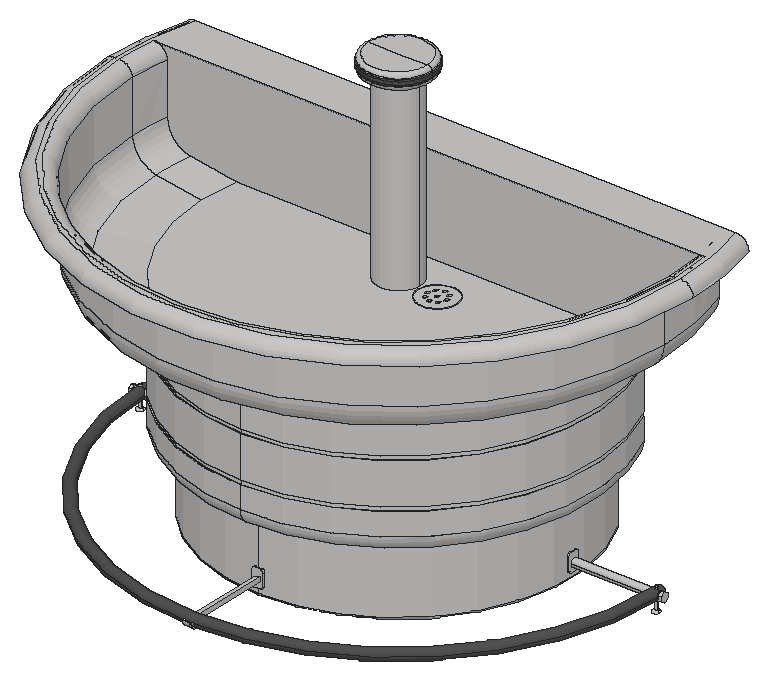
Revit family "Washfountain_Lavatory-Bradley_Corp-WF2704-Type_B_Drain", category Plumbing Fixtures, Revit 2012
Parameters
  Width = 54.000"
  Warranty Information = ""
  WFU = 0
  Voltage = 110 V
  Version = "2.0"
  Vent Radius = Vent / 2  # 3/4"
  Vent = 1 1/2"
  URL = "http://www.bradleycorp.com/"
  Towel Dispenser Holder [instance] = if((Soap Dispenser), 4.875", 13.375")  # 13.375"
  Towel Dispenser Height [instance] = if((Sensor Module), 54.250", 50.750")  # 50.750"
  TouchTime® Control [instance] = no
  Technical Data = "n/a"
  Vent Height [instance] = if(and(Sensor Module, Soap Dispenser, Towel Dispenser), 70.563", if(and(Sensor Module, Soap Dispenser, No Towel Dispenser), 49.375", if(and(Sensor Module, No Soap Dispenser, No Towel Dispenser), 40.875", if(and(Sensor Module, No Soap Dispenser, Towel Dispenser), 70.563", if(and(No Sensor Module, No Soap Dispenser, No Towel Dispenser), 37.375", if(and(No Sensor Module, No Soap Dispenser, Towel Dispenser), 67.063", if(and(No Sensor Module, Soap Dispenser, No Towel Dispenser), 45.875", 67.063")))))))  # 37.375"
  Spray Head Height = 37.375"
  Specifications URL = "http://www.bradleycorp.com/3partspec"
  Soap Dispenser Holder [instance] = 2.500"  # constant formula
  Soap Dispenser Height [instance] = if((Sensor Module), 49.375", 45.875")  # 45.875"
  Sensor Module Height = 40.875"
  Sensor Module [instance] = not(Foot Control Valve)  # no
  Rim Height = 28.000"
  Product Tech Data URL - Spanish = ""
  Product Tech Data URL - French = ""
  Product Tech Data URL - English = "http://bradleycorp.com/download/2241/2017.pdf"
  Pedestal Material = Metal - Bradley Corp - Stainless Steel - Satin
  Pedestal Height = 19.000"
  Operating Water Pressure Range = "20 - 80 PSI"
  OmniClass Table 23 Title = "Sinks/Lavatories"
  OmniClass Table 23 Number = "23-31 13 00"
  OmniClass Table 21 Title = "Plumbing Fixtures"
  OmniClass Table 21 Number = "21-04 20 10 60"
  No Towel Dispenser [instance] = not(Towel Dispenser)  # yes
  No Soap Dispenser [instance] = not(Soap Dispenser)  # yes
  No Sensor Module [instance] = not(Sensor Module)  # yes
  Modeling Code = ""
  Model = "WF2704"
  Material Note = ""
  MasterFormat Title = "Commercial Lavatories and Sinks"
  MasterFormat Number = "22 42 16"
  Manufacturer = "Bradley Corp"
  Industry Standards = "n/a"
  Hot Lavatory Inlet Radius = Hot Lavatory Inlet / 2  # 1/4"
  Hot Lavatory Inlet = 1/2"
  HWFU = 0
  Frequency = 50 Hz
  Foot Control Valve [instance] = not(or(TouchTime® Control, Air Valve Hand Control, Adaptive Infrared Activation Control))  # yes
  Flow Rate = 3.0 GPM
  Fire Rating = "n/a"
  Drain Radius = Drain / 2  # 1"
  Drain = 2"
  Description = "Washfountain, 54\" Semi Circular with 9\" Deep Bowl"
  Copyright = "This Model Data is Property of Bradley Corporation"
  Cold Lavatory Inlet Radius = Cold Lavatory Inlet / 2  # 1/4"
  Cold Lavatory Inlet = 1/2"
  CWFU = 0
  Buy American Act = "No"
  Button Visibility [instance] = or(TouchTime® Control, Air Valve Hand Control)  # no
  Bowl Material [instance] = Metal - Bradley Corp - Stainless Steel - Polished
  Assembly Code = "D2010300"
  Air Valve Hand Control [instance] = no
  Adaptive Infrared Activation Control [instance] = no
  ADA Compliant = "Yes"
  Soap Dispenser [instance] = no
  Towel Dispenser [instance] = no
Reference planes (in)
  plane 1 "Center (Front/Back)": y = 0
  plane 2: z = 0
  plane 3 "Center (Left/Right)": x = 0
  plane 4 "Left": x = -27
  plane 5 "Right": x = 27
  plane 6 "Towel Dispenser": z = 50.75
  plane 7 "Soap Dispenser": z = 45.875
  plane 8 "Sensor Module": z = 40.875
  plane 9 "Spray Head": z = 37.375
  plane 10 "Rim Height": z = 28
  plane 11 "Pedestal Height": z = 19
  plane 12: y = -7.6967
  plane 13: z = 39.875
  plane 14 "Front": y = -34.71749
Forms (in)
  Sweep 1, solid, material "Metal - Bradley Corp - Stainless Steel - Polished" <- "Bowl Material", detail levels medium+fine
    path in 3D
      loop
        arc (27, -7.75, 28) -> (0, 19.25, 28) -> (-27, -7.75, 28) r 27
        arc (-27, -7.75, 28) -> (0, -34.75, 28) -> (27, -7.75, 28) r 27
    profile origin (0, -34.75, 28) x (0, 1, 0) y (0, 0, 1)
      loop
        line (25.0533, -8.88) -> (9.04121, -8.88) -> (4.87331, -8.2735)
        arc (4.87331, -8.2735) -> (3.35689, -7.45153) -> (2.7337, -5.84318) r 2.5
        line (2.7337, -5.84318) -> (2.69252, -1.125)
        arc (2.69252, -1.125) -> (2.36302, -0.3295) -> (1.56752, 0.00011) r 1.125
        line (1.56752, 0.00011) -> (1.15752, 0)
        arc (1.15752, 0) -> (0.36203, -0.3295) -> (0.03252, -1.125) r 1.125
        line (0.03252, -1.125) -> (0.15252, -1.125)
        arc (0.15252, -1.125) -> (0.44688, -0.41436) -> (1.15752, -0.11989) r 1.005
        line (1.15752, -0.11989) -> (1.56752, -0.12025)
        arc (1.56752, -0.12025) -> (2.27817, -0.41461) -> (2.57252, -1.12525) r 1.005
        line (2.57252, -1.12525) -> (2.61371, -5.84475)
        arc (2.61371, -5.84475) -> (3.26665, -7.53063) -> (4.85603, -8.39225) r 2.62
        line (4.85603, -8.39225) -> (9.03252, -9) -> (25.0533, -9) -> (25.0533, -8.88)
  Extrusion 2, void
    sketch origin (0, 0, 28) x (-1, 0, 0) y (0, -1, 0)
      loop
        line (27, -20) -> (27, 0) -> (-27, 0) -> (-27, -20) -> (27, -20)
    from -28 to 9.375
  Sweep 3, solid, material "Metal - Bradley Corp - Stainless Steel - Polished" <- "Bowl Material", detail levels coarse
    path in 3D
      loop
        arc (27, -7.75, 28) -> (0, 19.25, 28) -> (-27, -7.75, 28) r 27
        arc (-27, -7.75, 28) -> (0, -34.75, 28) -> (27, -7.75, 28) r 27
    profile origin (0, -34.75, 28) x (0, 1, 0) y (0, 0, 1)
      loop
        line (0.03243, 0) -> (0.03243, -1.12495) -> (0.15256, -1.12495) -> (0.15256, -0.12) -> (2.57762, -0.12) -> (2.57762, -9) -> (25.0533, -9) -> (25.0533, -8.88) -> (2.69762, -8.88) -> (2.69762, 0) -> (0.03243, 0)
  Revolve 4, solid, material "Metal - Bradley Corp - Stainless Steel - Satin" <- "Pedestal Material", detail levels medium+fine
    sketch origin (0, 0, 0) x (0, 1, 0) y (0, 0, 1)
      loop
        line (-25.69045, 10.34788) -> (-25.61122, 10.34788) -> (-25.61122, 9.97288) -> (-25.69045, 9.97288) -> (-25.69045, 7.88979)
        arc (-25.69045, 7.88979) -> (-25.24205, 6.80727) -> (-24.15954, 6.35887) r 1.53091
        line (-24.15954, 6.35887) -> (-7.6967, 6.35887) -> (-7.6967, 19) -> (-25.69045, 19) -> (-25.69045, 14.53538) -> (-25.60652, 14.53538) -> (-25.60652, 14.16038) -> (-25.69045, 14.16038) -> (-25.69045, 10.34788)
      axis (-7.6967, 19) -> (-7.6967, 6.35887)
    angle from 0 to 360
  Revolve 5, solid, material "Metal - Bradley Corp - Stainless Steel - Satin" <- "Pedestal Material", detail levels coarse
    sketch origin (0, 0, 0) x (0, 1, 0) y (0, 0, 1)
      loop
        line (-25.69045, 19) -> (-25.69045, 6.35887) -> (-7.6967, 6.35887) -> (-7.6967, 19) -> (-25.69045, 19)
      axis (-7.6967, 19) -> (-7.6967, 6.35887)
    angle from 0 to 360
  Revolve 6, solid, material "Metal - Bradley Corp - Stainless Steel - Satin"
    sketch origin (0, 0, 0) x (0, 1, 0) y (0, 0, 1)
      loop
        arc (-23.6285, 0.1416) -> (-23.58703, 0.04147) -> (-23.4869, 0) r 0.1416
        line (-23.4869, 0) -> (-7.6967, 0) -> (-7.6967, 6.35887) -> (-23.41449, 6.35887) -> (-23.41449, 6.04595) -> (-23.6285, 6.04595) -> (-23.6285, 0.1416)
      axis (-7.6967, 6.35887) -> (-7.6967, 0)
    angle from 0 to 360
  Revolve 7, solid, material "Metal - Bradley Corp - Stainless Steel - Satin", detail levels medium+fine
    sketch origin (-3, -7.6967, 37.375) x (1, 0, 0) y (0, 0, 1)
      loop
        arc (0.31013, 0) -> (0.06618, -0.10105) -> (-0.03487, -0.345) r 0.345
        line (-0.03487, -0.345) -> (-0.03487, -0.44471)
        arc (-0.03487, -0.44471) -> (-0.09873, -0.47343) -> (-0.12487, -0.53838) r 0.09375
        line (-0.12487, -0.53838) -> (-0.12487, -0.85088)
        arc (-0.12487, -0.85088) -> (-0.09873, -0.91583) -> (-0.03487, -0.94456) r 0.09375
        line (-0.03487, -0.94456) -> (-0.03487, -1.04463)
        arc (-0.03487, -1.04463) -> (0.06618, -1.28859) -> (0.31013, -1.38963) r 0.345
        line (0.31013, -1.38963) -> (1.00013, -1.38963) -> (1.00013, -18.375) -> (3, -18.375) -> (3, 0) -> (0.31013, 0)
      axis (3, 0) -> (3, -18.375)
    angle from 0 to 360
  Revolve 8, solid, material "Metal - Bradley Corp - Stainless Steel - Satin", detail levels coarse
    sketch origin (-3, -7.6967, 37.375) x (1, 0, 0) y (0, 0, 1)
      loop
        line (-0.12487, -0.44471) -> (-0.12487, -0.94456) -> (0.31085, -1.38963) -> (1.00013, -1.38963) -> (1.00013, -18.375) -> (3, -18.375) -> (3, 0.00012) -> (0.31013, 0.00012) -> (-0.12487, -0.44471)
      axis (3, 0.00012) -> (3, -18.375)
    angle from 0 to 360
  Revolve 9, solid, material "Metal - Bradley Corp - Stainless Steel - Satin", visible <- "Sensor Module", detail levels fine
    sketch origin (-3, -7.6967, 40.875) x (1, 0, 0) y (0, 0, 1)
      loop
        arc (-1.45317, -0.20636) -> (-1.54025, -0.24993) -> (-1.57537, -0.34075) r 0.135
        line (-1.57537, -0.34075) -> (-1.57537, -0.56538) -> (-1.49987, -0.56538) -> (-1.49987, -1.98683)
        arc (-1.49987, -1.98683) -> (-1.48077, -2.08267) -> (-1.42639, -2.16387) r 0.25
        line (-1.42639, -2.16387) -> (-0.82283, -2.76742)
        arc (-0.82283, -2.76742) -> (-0.74182, -2.82142) -> (-0.64632, -2.84038) r 0.25
        line (-0.64632, -2.84038) -> (1.00013, -2.84038) -> (1.00013, -3.5) -> (3, -3.5) -> (3, 0) -> (0.90513, 0) -> (-1.45612, -0.2063)
      axis (3, 0) -> (3, -3.5)
    angle from 0 to 360
  Revolve 10, solid, material "Metal - Bradley Corp - Stainless Steel - Satin", visible <- "Sensor Module", detail levels coarse+medium
    sketch origin (-3, -7.6967, 40.875) x (1, 0, 0) y (0, 0, 1)
      loop
        line (-1.57537, -2.01488) -> (-0.74987, -2.84038) -> (1.00013, -2.84038) -> (1.00013, -3.5) -> (3, -3.5) -> (3, 0) -> (-1.57537, 0) -> (-1.57537, -2.01488)
      axis (3, 0) -> (3, -3.5)
    angle from 0 to 360
  Revolve 11, solid, material "Metal - Bradley Corp - Stainless Steel - Satin", visible <- "Soap Dispenser", detail levels fine
    sketch origin (-3, -7.6967, 45.875) x (1, 0, 0) y (0, 0, 1)
      loop
        line (-3.01408, -1.64235) -> (-2.98301, -1.64235) -> (-2.98301, -2.89235) -> (-2.93039, -2.89235) -> (-2.93039, -4.14235) -> (-2.87777, -4.14235) -> (-2.87777, -5.39235) -> (-2.81, -5.39235) -> (-2.81, -6) -> (3, -6) -> (3, 0) -> (-1.15684, 0)
        arc (-1.15684, 0) -> (-2.16098, -0.12055) -> (-3.13971, -0.37529) r 7.48917
        line (-3.13971, -0.37529) -> (-3.13971, -1.00047) -> (-3.01408, -1.00047) -> (-3.01408, -1.64235)
      axis (3, 0) -> (3, -6)
    angle from 360 to 180
  Revolve 12, solid, material "Metal - Bradley Corp - Stainless Steel - Satin", visible <- "Soap Dispenser", detail levels coarse+medium
    sketch origin (-3, -7.6967, 45.875) x (1, 0, 0) y (0, 0, 1)
      loop
        line (-3.13971, -1.00047) -> (-2.81, -6) -> (3, -6) -> (3, -1.00047) -> (-3.13971, -1.00047)
      axis (3, -1.00047) -> (3, -6)
    angle from 360 to 180
  Extrusion 13, solid, material "Metal - Bradley Corp - Stainless Steel - Satin", visible <- "Soap Dispenser", detail levels fine
    sketch origin (-3, -7.6967, 45.875) x (1, 0, 0) y (0, 0, 1)
      loop
        line (-3.01408, -1.64235) -> (-2.98301, -1.64235) -> (-2.98301, -2.89235) -> (-2.93039, -2.89235) -> (-2.93039, -4.14235) -> (-2.87777, -4.14235) -> (-2.87777, -5.39235) -> (-2.81, -5.39235) -> (-2.81, -6) -> (8.81, -6) -> (8.81, -5.39235) -> (8.87777, -5.39235) -> (8.87777, -4.14235) -> (8.93039, -4.14235) -> (8.93039, -2.89235) -> (8.98301, -2.89235) -> (8.98301, -1.64235) -> (9.01408, -1.64235) -> (9.01408, -1.00047) -> (9.13971, -1.00047) -> (9.13971, -0.37529)
        arc (9.13971, -0.37529) -> (8.16098, -0.12055) -> (7.15684, 0) r 7.48917
        line (7.15684, 0) -> (-1.15684, 0)
        arc (-1.15684, 0) -> (-2.16098, -0.12055) -> (-3.13971, -0.37529) r 7.48917
        line (-3.13971, -0.37529) -> (-3.13971, -1.00047) -> (-3.01408, -1.00047) -> (-3.01408, -1.64235)
    from 0 to -2.25
  Extrusion 14, solid, material "Metal - Bradley Corp - Stainless Steel - Satin", visible <- "Soap Dispenser", detail levels coarse+medium
    sketch origin (-3, -7.6967, 45.875) x (1, 0, 0) y (0, 0, 1)
      loop
        line (-3.13971, -1.00047) -> (-2.81, -6) -> (8.81, -6) -> (9.13971, -1.00047) -> (-3.13971, -1.00047)
    from 0 to -2.25
  Extrusion 15, solid, material "Metal - Bradley Corp - Stainless Steel - Satin", visible <- "Towel Dispenser"
    sketch origin (0, 0, 50.75) x (-1, 0, 0) y (0, -1, 0)
      loop
        line (0.06458, 14.08484) -> (-0.06458, 14.08484) -> (-5.56458, 4.55856) -> (-5.5, 4.4467) -> (5.5, 4.4467) -> (5.56458, 4.55856) -> (0.06458, 14.08484)
      loop
        circle (0, 7.6967) r 2
    from 14.62567 to 14.12567
  Extrusion 16, solid, material "Metal - Bradley Corp - Stainless Steel - Satin", visible <- "Towel Dispenser"
    sketch origin (-0.06458, -14.08484, 50.75) x (0, 0, 1) y (-0.866025, -0.5, 0)
      loop
        line (0, 0) -> (15.313, 0) -> (14.62567, 4) -> (1.37502, 4) -> (0, 1.75) -> (0, 0)
    from 0 to -11
  Extrusion 17, solid, material "Metal - Bradley Corp - Stainless Steel - Satin", visible <- "Towel Dispenser"
    sketch origin (5.56458, -4.55856, 50.75) x (0, 0, 1) y (0.866025, -0.5, 0)
      loop
        line (0, 0) -> (15.313, 0) -> (14.62567, 4) -> (1.37502, 4) -> (0, 1.75) -> (0, 0)
    from 0 to -11
  Extrusion 18, solid, material "Metal - Bradley Corp - Stainless Steel - Satin", visible <- "Towel Dispenser"
    sketch origin (0, 0, 50.75) x (-1, 0, 0) y (0, -1, 0)
      loop
        line (0.06458, 14.08484) -> (-0.06458, 14.08484) -> (-5.56458, 4.55856) -> (-5.5, 4.4467) -> (5.5, 4.4467) -> (5.56458, 4.55856) -> (0.06458, 14.08484)
      loop
        circle (0, 7.6967) r 2
    from 1.0786 to 1.5786
  Extrusion 19, solid, material "Metal - Bradley Corp - Stainless Steel - Satin", visible <- "Towel Dispenser"
    sketch origin (0, 0, 50.75) x (-1, 0, 0) y (0, -1, 0)
      loop
        circle (0, 7.6967) r 2
    from -13.375 to 16.313
  Extrusion 20, solid, material "Metal - Bradley Corp - Stainless Steel - Satin", visible <- "Soap Dispenser"
    sketch origin (0, 0, 45.875) x (-1, 0, 0) y (0, -1, 0)
      loop
        circle (0, 7.6967) r 2
    from -6 to -8.5
  Extrusion 21, solid, material "Metal - Bradley Corp - Stainless Steel - Polished", detail levels medium+fine
    sketch origin (0, -0.5533, 28) x (-1, 0, 0) y (0, -1, 0)
      loop
        circle (-4, 7.6967) r 1.75
      loop
        circle (-4, 7.6967) r 0.1842
      loop
        circle (-4, 6.81899) r 0.1842
      loop
        circle (-3.12229, 7.6967) r 0.1842
      loop
        circle (-4, 8.57441) r 0.1842
      loop
        circle (-4.87771, 7.6967) r 0.1842
      loop
        circle (-4.62063, 7.07606) r 0.1842
      loop
        circle (-3.37937, 7.07606) r 0.1842
      loop
        circle (-3.37937, 8.31733) r 0.1842
      loop
        circle (-4.62063, 8.31733) r 0.1842
    from -8.94796 to -8.88
  Extrusion 22, void
    sketch origin (0, -0.5533, 28) x (-1, 0, 0) y (0, -1, 0)
      loop
        circle (-4, 7.6967) r 1.75
    from -9 to -5.94946
  Sweep 23, solid, material "Plastic - Bradley Corp - Black", visible <- "Foot Control Valve"
    path in 3D
      loop
        line (24.00846, -7.1967, 0) -> (24.00846, -7.6967, 0)
        arc (24.00846, -7.6967, 0) -> (0, -31.70516, 0) -> (-24.00846, -7.6967, 0) r 24.00846
        line (-24.00846, -7.6967, 0) -> (-24.00846, -7.1967, 0)
    profile origin (-24.00846, -7.4467, 0) x (-1, 0, 0) y (0, 0, 1)
      loop
        circle (-0.5, 1.42499) r 0.49941
  Extrusion 24, solid, material "Metal - Bradley Corp - Stainless Steel - Satin", visible <- "Foot Control Valve", detail levels medium+fine
    sketch origin (0, 0, 0) x (0, 1, 0) y (0, 0, 1)
      loop
        line (-7.37851, 1.63949) -> (-7.75001, 1.85397) -> (-8.12151, 1.63949) -> (-8.12151, 1.21051) -> (-7.75001, 0.99603) -> (-7.37851, 1.21051) -> (-7.37851, 1.63949)
    from -24.32813 to -24.01563
  Extrusion 25, solid, material "Metal - Bradley Corp - Stainless Steel - Satin", visible <- "Foot Control Valve", detail levels medium+fine
    sketch origin (0, 0, 0) x (0, 1, 0) y (0, 0, 1)
      loop
        line (-7.75001, 1.85397) -> (-8.12151, 1.63948) -> (-8.12151, 1.21051) -> (-7.75001, 0.99603) -> (-7.37851, 1.21051) -> (-7.37851, 1.63949) -> (-7.75001, 1.85397)
    from 24.37923 to 24.04349
  Extrusion 26, solid, material "Metal - Bradley Corp - Stainless Steel - Satin", visible <- "Foot Control Valve", detail levels fine
    sketch origin (0, 0, 0) x (1, 0, 0) y (0, 1, 0)
      loop
        circle (-23.57813, -7.6967) r 0.12
      loop
        circle (23.57813, -7.6967) r 0.12
    from 0.1445 to 1.99999
  Blend 27, solid, material "Metal - Bradley Corp - Stainless Steel - Satin", visible <- "Foot Control Valve", detail levels fine
    base sketch origin (0, 0, 0) x (1, 0, 0) y (0, 1, 0)
      loop
        circle (-23.57813, -7.6967) r 0.12
    top sketch origin (0, 0, 0) x (1, 0, 0) y (0, 1, 0)
      loop
        circle (-23.57813, -7.6967) r 0.327
    from 0.1445 to 0
  Blend 28, solid, material "Metal - Bradley Corp - Stainless Steel - Satin", visible <- "Foot Control Valve", detail levels fine
    base sketch origin (0, 0, 0) x (1, 0, 0) y (0, 1, 0)
      loop
        circle (23.57813, -7.6967) r 0.12
    top sketch origin (0, 0, 0) x (1, 0, 0) y (0, 1, 0)
      loop
        circle (23.57813, -7.6967) r 0.327
    from 0.1445 to 0
  Extrusion 29, solid, material "Metal - Bradley Corp - Stainless Steel - Satin", visible <- "Foot Control Valve"
    sketch origin (0, 0, 0) x (0, 1, 0) y (0, 0, 1)
      loop
        line (-7.25001, 0.921) -> (-7.25001, 2.046)
        arc (-7.25001, 2.046) -> (-7.32323, 2.22278) -> (-7.50001, 2.296) r 0.25
        line (-7.50001, 2.296) -> (-8.00001, 2.296)
        arc (-8.00001, 2.296) -> (-8.17679, 2.22278) -> (-8.25001, 2.046) r 0.25
        line (-8.25001, 2.046) -> (-8.25001, 0.921)
        arc (-8.25001, 0.921) -> (-8.17679, 0.74422) -> (-8.00001, 0.671) r 0.25
        line (-8.00001, 0.671) -> (-7.50001, 0.671)
        arc (-7.50001, 0.671) -> (-7.32323, 0.74422) -> (-7.25001, 0.921) r 0.25
    from -16.06305 to -15.93805
  Extrusion 30, solid, material "Metal - Bradley Corp - Stainless Steel - Satin", visible <- "Foot Control Valve"
    sketch origin (0, 0, 0) x (0, 1, 0) y (0, 0, 1)
      loop
        line (-7.50001, 2.296) -> (-8.00001, 2.296)
        arc (-8.00001, 2.296) -> (-8.17679, 2.22278) -> (-8.25001, 2.046) r 0.25
        line (-8.25001, 2.046) -> (-8.25001, 0.921)
        arc (-8.25001, 0.921) -> (-8.17679, 0.74422) -> (-8.00001, 0.671) r 0.25
        line (-8.00001, 0.671) -> (-7.50001, 0.671)
        arc (-7.50001, 0.671) -> (-7.32323, 0.74422) -> (-7.25001, 0.921) r 0.25
        line (-7.25001, 0.921) -> (-7.25001, 2.046)
        arc (-7.25001, 2.046) -> (-7.32323, 2.22278) -> (-7.50001, 2.296) r 0.25
    from 15.93601 to 16.06263
  Extrusion 31, solid, material "Metal - Bradley Corp - Stainless Steel - Satin", visible <- "Foot Control Valve", detail levels fine
    sketch origin (0, 0, 0) x (0, 1, 0) y (0, 0, 1)
      loop
        arc (-31.70479, 1.42499) -> (-31.75479, 1.47499) -> (-31.80479, 1.42499) r 0.05
        arc (-31.80479, 1.42499) -> (-31.10392, 0.83423) -> (-30.64032, 1.62499) r 0.59941
        line (-30.64032, 1.62499) -> (-30.74777, 1.62499)
        arc (-30.74777, 1.62499) -> (-31.10322, 0.93614) -> (-31.70479, 1.42499) r 0.49941
    from -0.40046 to 0.4
  Extrusion 32, solid, material "Metal - Bradley Corp - Stainless Steel - Satin", visible <- "Foot Control Valve", detail levels fine
    sketch origin (0, 0, 0) x (0, 1, 0) y (0, 0, 1)
      loop
        arc (-30.64032, 1.62499) -> (-30.60597, 1.42499) -> (-30.64032, 1.22499) r 0.59941
        line (-30.64032, 1.22499) -> (-23.7663, 1.22499) -> (-23.7663, 1.62499) -> (-30.64032, 1.62499)
    from -0.2 to 0.2
  Extrusion 33, solid, material "Default", not visible, detail levels fine
    sketch origin (0, 0, 0) x (1, 0, 0) y (0, 1, 0)
      loop
        circle (-4, -8.25) r 1
    from 0 to 3
  Extrusion 34, solid, material "Default", not visible, detail levels fine
    sketch origin (0, 0, 0) x (1, 0, 0) y (0, 1, 0)
      loop
        circle (0, -8.25) r 0.75
      loop
        circle (-0.875, -7) r 0.25
      loop
        circle (0.875, -7) r 0.25
    from 0 to 37.375
  Extrusion 35, solid, material "Default", not visible, detail levels fine
    sketch origin (-3, -7.6967, 45.875) x (1, 0, 0) y (0, 0, 1)
      loop
        line (-0.5, -35.232) -> (-1.5, -35.232) -> (-1.5, -37.232) -> (-0.5, -37.232) -> (-0.5, -35.232)
    from -7.6967 to -5.1967
  Extrusion 36, solid, material "Metal - Bradley Corp - Stainless Steel - Satin", visible <- "Foot Control Valve"
    sketch origin (0, 0, 0) x (0, 1, 0) y (0, 0, 1)
      loop
        circle (-7.75001, 1.425) r 0.36122
    from -24.01563 to -16.06305
  Extrusion 37, solid, material "Metal - Bradley Corp - Stainless Steel - Satin", visible <- "Foot Control Valve"
    sketch origin (0, 0, 0) x (0, 1, 0) y (0, 0, 1)
      loop
        circle (-7.75001, 1.42499) r 0.36122
    from 16.06263 to 24.04349
  Extrusion 38, solid, material "Metal - Bradley Corp - Stainless Steel - Satin", visible <- "Foot Control Valve", detail levels fine
    sketch origin (0, 0, 0) x (1, 0, 0) y (0, 0, 1)
      loop
        line (-0.25, 0.671) -> (0.25, 0.671)
        arc (0.25, 0.671) -> (0.42678, 0.74422) -> (0.5, 0.921) r 0.25
        line (0.5, 0.921) -> (0.5, 2.046)
        arc (0.5, 2.046) -> (0.42678, 2.22278) -> (0.25, 2.296) r 0.25
        line (0.25, 2.296) -> (-0.25, 2.296)
        arc (-0.25, 2.296) -> (-0.42678, 2.22278) -> (-0.5, 2.046) r 0.25
        line (-0.5, 2.046) -> (-0.5, 0.921)
        arc (-0.5, 0.921) -> (-0.42678, 0.74422) -> (-0.25, 0.671) r 0.25
    from 23.6285 to 23.7663
  Revolve 39, solid, material "Plastic - Bradley Corp - Black", visible <- "Soap Dispenser", detail levels coarse+medium
    sketch origin (-3, -7.6967, 45.875) x (1, 0, 0) y (0, 0, 1)
      loop
        line (-3.20569, 0) -> (-3.13971, -1.00047) -> (3, -1.00047) -> (3, 0) -> (-3.20569, 0)
      axis (3, 0) -> (3, -1.00047)
    angle from 180 to 360
  Extrusion 40, solid, material "Plastic - Bradley Corp - Black", visible <- "Soap Dispenser", detail levels coarse+medium
    sketch origin (-3, -7.6967, 45.875) x (1, 0, 0) y (0, 0, 1)
      loop
        line (-3.20569, 0) -> (-3.13971, -1.00047) -> (9.13971, -1.00047) -> (9.20569, 0) -> (-3.20569, 0)
    from 0 to -2.25
  Extrusion 41, solid, material "Metal - Bradley Corp - Stainless Steel - Polished", visible <- "Button Visibility"
    sketch origin (-3, -7.6967, 40.875) x (1, 0, 0) y (0, 0, 1)
      loop
        circle (3, -1.29013) r 0.5
    from 4.57537 to 4.9755
  Extrusion 42, solid, material "Metal - Bradley Corp - Stainless Steel - Polished", visible <- "Button Visibility", detail levels fine
    sketch origin (-3, -7.6967, 40.875) x (1, 0, 0) y (0, 0, 1)
      loop
        circle (3, -1.29013) r 0.25
    from 4.5 to 4.57537
  Extrusion 43, solid, material "Metal - Bradley Corp - Stainless Steel - Polished" <- "Bowl Material", detail levels coarse
    sketch origin (0, 0, 28) x (-1, 0, 0) y (0, -1, 0)
      loop
        line (24.02952, 4.1185) -> (-24.02952, 4.1185)
        arc (-24.02952, 4.1185) -> (-23.62146, 2.0375) -> (-23.03353, 0) r 24.30238
        line (-23.03353, 0) -> (23.03353, 0)
        arc (23.03353, 0) -> (23.62146, 2.0375) -> (24.02952, 4.1185) r 24.30238
    from -8.88 to 0
  Extrusion 44, solid, material "Metal - Bradley Corp - Stainless Steel - Polished" <- "Bowl Material", detail levels medium+fine
    sketch origin (0, 0, 28) x (-1, 0, 0) y (0, -1, 0)
      loop
        arc (24.41547, 0) -> (25.00013, 2.03749) -> (25.40596, 4.118) r 24.42748
        line (25.40596, 4.118) -> (-25.44441, 4.118)
        arc (-25.44441, 4.118) -> (-25.03859, 2.03749) -> (-24.45393, 0) r 24.42748
        line (-24.45393, 0) -> (24.41547, 0)
    from -8.88 to 0
  Sweep 45, void
    path in 3D
      loop
        arc (27, -7.75, 28) -> (0, 19.25, 28) -> (-27, -7.75, 28) r 27
        arc (-27, -7.75, 28) -> (0, -34.75, 28) -> (27, -7.75, 28) r 27
    profile origin (0, -34.75, 28) x (0, 1, 0) y (0, 0, 1)
      loop
        line (9.05955, -9) -> (9.05955, -8.9433) -> (4.86467, -8.33287)
        arc (4.86467, -8.33287) -> (3.31177, -7.49108) -> (2.6737, -5.84397) r 2.56
        line (2.6737, -5.84397) -> (2.63252, -1.12499)
        arc (2.63252, -1.12499) -> (2.3205, -0.37209) -> (1.56752, -0.05989) r 1.065
        line (1.56752, -0.05989) -> (1.15752, -0.06)
        arc (1.15752, -0.06) -> (0.40445, -0.37193) -> (0.09252, -1.125) r 1.065
        line (0.09252, -1.125) -> (0, -1.125) -> (0, -9) -> (9.05955, -9)
Cuts and joins
  Extrusion 2, Extrusion 22 cuts Sweep 1
  Sweep 45 cuts Extrusion 44
  joined: Sweep 1, Extrusion 44
  Extrusion 2, Extrusion 22 cuts Sweep 3
  joined: Sweep 3, Extrusion 43
  Extrusion 2 cuts Revolve 4
  Extrusion 2 cuts Revolve 5
  Extrusion 2 cuts Revolve 6
  joined: Revolve 11, Extrusion 13
  joined: Revolve 12, Extrusion 14
  joined: Extrusion 36, Extrusion 37
  joined: Revolve 39, Extrusion 40
Lines and regions (in)
  Masking region 1, detail levels medium+fine
    outline origin (-3, -7.6967, 37.375) x (1, 0, 0) y (0, 0, 1)
      loop
        arc (0.31013, 0) -> (0.06618, -0.10105) -> (-0.03487, -0.345) r 0.345
        line (-0.03487, -0.345) -> (-0.03487, -0.44471)
        arc (-0.03487, -0.44471) -> (-0.09873, -0.47343) -> (-0.12487, -0.53838) r 0.09375
        line (-0.12487, -0.53838) -> (-0.12487, -0.85088)
        arc (-0.12487, -0.85088) -> (-0.09873, -0.91583) -> (-0.03487, -0.94456) r 0.09375
        line (-0.03487, -0.94456) -> (-0.03487, -1.04463)
        arc (-0.03487, -1.04463) -> (0.06618, -1.28859) -> (0.31013, -1.38963) r 0.345
        line (0.31013, -1.38963) -> (1.00013, -1.38963) -> (1.00013, -9.375) -> (5.00013, -9.375) -> (5.00013, -1.38963) -> (5.68987, -1.38963)
        arc (5.68987, -1.38963) -> (5.93382, -1.28859) -> (6.03487, -1.04463) r 0.345
        line (6.03487, -1.04463) -> (6.03487, -0.94456)
        arc (6.03487, -0.94456) -> (6.09873, -0.91583) -> (6.12487, -0.85088) r 0.09375
        line (6.12487, -0.85088) -> (6.12487, -0.53838)
        arc (6.12487, -0.53838) -> (6.09873, -0.47343) -> (6.03487, -0.44471) r 0.09375
        line (6.03487, -0.44471) -> (6.03487, -0.34463)
        arc (6.03487, -0.34463) -> (5.93382, -0.10105) -> (5.68987, 0) r 0.345
        line (5.68987, 0) -> (0.31013, 0)
  Masking region 2, detail levels coarse
    outline origin (-3, -7.6967, 37.375) x (1, 0, 0) y (0, 0, 1)
      loop
        line (-0.12487, -0.44471) -> (-0.12487, -0.94456) -> (0.31085, -1.38963) -> (1.00013, -1.38963) -> (1.00013, -9.375) -> (5.00013, -9.375) -> (5.00013, -1.38963) -> (5.68915, -1.38963) -> (6.12487, -0.94456) -> (6.12487, -0.44471) -> (5.68999, 0) -> (0.31001, 0) -> (-0.12487, -0.44471)
  Masking region 3, visible <- "Sensor Module", detail levels coarse+medium
    outline origin (-3, -7.6967, 40.875) x (1, 0, 0) y (0, 0, 1)
      loop
        line (-1.57537, 0) -> (-1.57537, -2.01488) -> (-0.74987, -2.84038) -> (1.00013, -2.84038) -> (1.00013, -3.5) -> (4.99987, -3.5) -> (4.99987, -2.84038) -> (6.74987, -2.84038) -> (7.57537, -2.01488) -> (7.57537, 0) -> (-1.57537, 0)
  Masking region 4, visible <- "Sensor Module", detail levels fine
    outline origin (-3, -7.6967, 40.875) x (1, 0, 0) y (0, 0, 1)
      loop
        arc (-1.45317, -0.20636) -> (-1.54025, -0.24993) -> (-1.57537, -0.34075) r 0.135
        line (-1.57537, -0.34075) -> (-1.57537, -0.56538) -> (-1.49987, -0.56538) -> (-1.49987, -1.98683)
        arc (-1.49987, -1.98683) -> (-1.48077, -2.08267) -> (-1.42639, -2.16387) r 0.25
        line (-1.42639, -2.16387) -> (-0.82283, -2.76742)
        arc (-0.82283, -2.76742) -> (-0.74182, -2.82142) -> (-0.64632, -2.84038) r 0.25
        line (-0.64632, -2.84038) -> (1.00013, -2.84038) -> (1.00013, -3.5) -> (4.99987, -3.5) -> (4.99987, -2.84038) -> (6.64632, -2.84038)
        arc (6.64632, -2.84038) -> (6.74182, -2.82142) -> (6.82283, -2.76742) r 0.25
        line (6.82283, -2.76742) -> (7.42639, -2.16387)
        arc (7.42639, -2.16387) -> (7.48077, -2.08267) -> (7.49987, -1.98683) r 0.25
        line (7.49987, -1.98683) -> (7.49987, -0.56538) -> (7.57537, -0.56538) -> (7.57537, -0.34075)
        arc (7.57537, -0.34075) -> (7.54025, -0.24993) -> (7.45317, -0.20636) r 0.135
      loop
        line (7.45612, -0.2063) -> (5.09487, 0) -> (0.90513, 0) -> (-1.45612, -0.2063)
  Masking region 5, visible <- "Soap Dispenser", detail levels coarse+medium
    outline origin (-3, -7.6967, 45.875) x (1, 0, 0) y (0, 0, 1)
      loop
        line (-3.20569, 0) -> (-2.81, -6) -> (8.81, -6) -> (9.20569, 0) -> (-3.20569, 0)
  Masking region 6, visible <- "Soap Dispenser", detail levels fine
    outline origin (-3, -7.6967, 45.875) x (1, 0, 0) y (0, 0, 1)
      loop
        line (-3.01408, -1.64235) -> (-2.98301, -1.64235) -> (-2.98301, -2.89235) -> (-2.93039, -2.89235) -> (-2.93039, -4.14235) -> (-2.87777, -4.14235) -> (-2.87777, -5.39235) -> (-2.81, -5.39235) -> (-2.81, -6) -> (8.81, -6) -> (8.81, -5.39235) -> (8.87777, -5.39235) -> (8.87777, -4.14235) -> (8.93039, -4.14235) -> (8.93039, -2.89235) -> (8.98301, -2.89235) -> (8.98301, -1.64235) -> (9.01408, -1.64235) -> (9.01408, -1.00047) -> (9.13971, -1.00047) -> (9.13971, -0.37529)
        arc (9.13971, -0.37529) -> (8.16098, -0.12055) -> (7.15684, 0) r 7.48917
        line (7.15684, 0) -> (-1.15684, 0)
        arc (-1.15684, 0) -> (-2.16098, -0.12055) -> (-3.13971, -0.37529) r 7.48917
        line (-3.13971, -0.37529) -> (-3.13971, -1.00047) -> (-3.01408, -1.00047) -> (-3.01408, -1.64235)
  Masking region 7, visible <- "Soap Dispenser", detail levels fine
    outline origin (0, -4.6967, 45.875) x (0, -1, 0) y (0, 0, 1)
      loop
        line (9.01313, -1.64235) -> (9.01313, -1.00047) -> (9.13876, -1.00047) -> (9.13876, -0.37529)
        arc (9.13876, -0.37529) -> (8.16002, -0.12055) -> (7.15589, 0) r 7.48917
        line (7.15589, 0) -> (0.75, 0) -> (0.75, -6) -> (8.80905, -6) -> (8.80905, -5.39235) -> (8.87682, -5.39235) -> (8.87682, -4.14235) -> (8.92944, -4.14235) -> (8.92944, -2.89235) -> (8.98206, -2.89235) -> (8.98206, -1.64235) -> (9.01313, -1.64235)
  Masking region 8, visible <- "Soap Dispenser", detail levels coarse+medium
    outline origin (0, -4.6967, 45.875) x (0, -1, 0) y (0, 0, 1)
      loop
        line (0.75, 0) -> (0.75, -6) -> (8.80905, -6) -> (9.20569, 0) -> (0.75, 0)
  Masking region 9, visible <- "Sensor Module", detail levels coarse+medium
    outline origin (0, -4.6967, 40.875) x (0, -1, 0) y (0, 0, 1)
      loop
        line (-1.57537, 0) -> (-1.57537, -2.01488) -> (-0.74987, -2.84038) -> (1, -2.84038) -> (1, -3.5) -> (4.99987, -3.5) -> (4.99987, -2.84038) -> (6.74987, -2.84038) -> (7.57537, -2.01488) -> (7.57537, 0) -> (-1.57537, 0)
  Masking region 10, visible <- "Sensor Module", detail levels fine
    outline origin (0, -4.6967, 40.875) x (0, -1, 0) y (0, 0, 1)
      loop
        arc (-1.4533, -0.20636) -> (-1.54038, -0.24993) -> (-1.5755, -0.34075) r 0.135
        line (-1.5755, -0.34075) -> (-1.5755, -0.56538) -> (-1.5, -0.56538) -> (-1.5, -1.98683)
        arc (-1.5, -1.98683) -> (-1.4809, -2.08267) -> (-1.42651, -2.16387) r 0.25
        line (-1.42651, -2.16387) -> (-0.82296, -2.76742)
        arc (-0.82296, -2.76742) -> (-0.74195, -2.82142) -> (-0.64645, -2.84038) r 0.25
        line (-0.64645, -2.84038) -> (1, -2.84038) -> (1, -3.5) -> (4.99987, -3.5) -> (4.99987, -2.84038) -> (6.64645, -2.84038)
        arc (6.64645, -2.84038) -> (6.74195, -2.82142) -> (6.82296, -2.76742) r 0.25
        line (6.82296, -2.76742) -> (7.42651, -2.16387)
        arc (7.42651, -2.16387) -> (7.4809, -2.08267) -> (7.5, -1.98683) r 0.25
        line (7.5, -1.98683) -> (7.5, -0.56538) -> (7.5755, -0.56538) -> (7.5755, -0.34075)
        arc (7.5755, -0.34075) -> (7.54038, -0.24993) -> (7.4533, -0.20636) r 0.135
      loop
        line (7.45625, -0.2063) -> (5.095, 0) -> (0.905, 0) -> (-1.45625, -0.2063)
  Masking region 11, detail levels coarse+medium
    outline origin (0, 0, 0) x (0, 1, 0) y (0, 0, 1)
      loop
        line (-10.82157, 36.93029) -> (-10.82157, 36.43044) -> (-10.38585, 35.98537) -> (-9.6967, 35.98537) -> (-9.6967, 28) -> (-5.6967, 28) -> (-5.6967, 35.98537) -> (-5.00754, 35.98537) -> (-4.57183, 36.43044) -> (-4.57183, 36.93029) -> (-5.0067, 37.375) -> (-10.38669, 37.375) -> (-10.82157, 36.93029)
  Masking region 12, detail levels fine
    outline origin (0, -4.6967, 37.375) x (0, -1, 0) y (0, 0, 1)
      loop
        arc (0.31013, 0) -> (0.06618, -0.10105) -> (-0.03487, -0.345) r 0.345
        line (-0.03487, -0.345) -> (-0.03487, -0.44471)
        arc (-0.03487, -0.44471) -> (-0.09873, -0.47343) -> (-0.12487, -0.53838) r 0.09375
        line (-0.12487, -0.53838) -> (-0.12487, -0.85088)
        arc (-0.12487, -0.85088) -> (-0.09873, -0.91583) -> (-0.03487, -0.94456) r 0.09375
        line (-0.03487, -0.94456) -> (-0.03487, -1.04463)
        arc (-0.03487, -1.04463) -> (0.06618, -1.28859) -> (0.31013, -1.38963) r 0.345
        line (0.31013, -1.38963) -> (1.00013, -1.38963) -> (1.00013, -9.375) -> (5, -9.375) -> (5, -1.38963) -> (5.69029, -1.38963)
        arc (5.69029, -1.38963) -> (5.93424, -1.28859) -> (6.03529, -1.04463) r 0.345
        line (6.03529, -1.04463) -> (6.03487, -0.94456)
        arc (6.03487, -0.94456) -> (6.09873, -0.91583) -> (6.12487, -0.85088) r 0.09375
        line (6.12487, -0.85088) -> (6.12487, -0.53838)
        arc (6.12487, -0.53838) -> (6.09873, -0.47343) -> (6.03487, -0.44471) r 0.09375
        line (6.03487, -0.44471) -> (6.03487, -0.34463)
        arc (6.03487, -0.34463) -> (5.93382, -0.10105) -> (5.68987, 0) r 0.345
        line (5.68987, 0) -> (0.31013, 0)
  Masking region 13, detail levels medium+fine
    outline origin (0, 0, 0) x (1, 0, 0) y (0, 0, 1)
      loop
        line (25.875, 28.00019) -> (-25.875, 28.00019)
        arc (-25.875, 28.00019) -> (-26.6705, 27.6705) -> (-27, 26.875) r 1.125
        line (-27, 26.875) -> (-24.46, 26.875) -> (-24.41882, 22.15525)
        arc (-24.41882, 22.15525) -> (-23.76587, 20.46937) -> (-22.17649, 19.60775) r 2.62
        line (-22.17649, 19.60775) -> (-18, 19) -> (18.00076, 19) -> (22.17649, 19.60764)
        arc (22.17649, 19.60764) -> (23.76587, 20.46926) -> (24.41882, 22.15514) r 2.62
        line (24.41882, 22.15514) -> (24.46, 26.87489) -> (27, 26.87489)
        arc (27, 26.87489) -> (26.6705, 27.67039) -> (25.875, 28.00019) r 1.125
  Masking region 14, detail levels coarse
    outline origin (0, 0, 0) x (1, 0, 0) y (0, 0, 1)
      loop
        line (-27, 26.87505) -> (-24.42238, 26.87505) -> (-24.42238, 19) -> (24.42238, 19) -> (24.42238, 26.87505) -> (27, 26.87505) -> (27, 28) -> (-27, 28) -> (-27, 26.87505)
  Masking region 15, detail levels medium+fine
    outline origin (-3, -7.6967, 45.875) x (1, 0, 0) y (0, 0, 1)
      loop
        line (20.99796, -35.57813) -> (20.99796, -31.76563) -> (20.91403, -31.76563) -> (20.91403, -31.39063) -> (20.99796, -31.39063) -> (20.99796, -26.875) -> (-15, -26.875) -> (-15, -31.39063) -> (-14.91607, -31.39063) -> (-14.91607, -31.76563) -> (-15, -31.76563) -> (-15, -35.57813) -> (-14.92077, -35.57813) -> (-14.92077, -35.95313) -> (-15, -35.95313) -> (-15, -37.98521)
        arc (-15, -37.98521) -> (-14.55161, -39.06773) -> (-13.46909, -39.51613) r 1.53091
        line (-13.46909, -39.51613) -> (-12.72404, -39.51613) -> (-12.72404, -39.82905) -> (-12.93805, -39.82905) -> (-12.93805, -45.74212)
        arc (-12.93805, -45.74212) -> (-12.89061, -45.84471) -> (-12.78172, -45.875) r 0.13464
        line (-12.78172, -45.875) -> (18.77968, -45.875)
        arc (18.77968, -45.875) -> (18.88857, -45.84471) -> (18.93601, -45.74212) r 0.13464
        line (18.93601, -45.74212) -> (18.93601, -39.82905) -> (18.722, -39.82905) -> (18.722, -39.51613) -> (19.46705, -39.51613)
        arc (19.46705, -39.51613) -> (20.54956, -39.06773) -> (20.99796, -37.98521) r 1.53091
        line (20.99796, -37.98521) -> (20.99796, -35.95313) -> (20.91873, -35.95313) -> (20.91873, -35.57813) -> (20.99796, -35.57813)
  Masking region 16, detail levels coarse
    outline origin (-3, -7.6967, 45.875) x (1, 0, 0) y (0, 0, 1)
      loop
        line (-15, -39.51613) -> (-12.93805, -39.51613) -> (-12.93805, -45.875) -> (18.93763, -45.875) -> (18.93763, -39.51612) -> (21, -39.51612) -> (21, -26.875) -> (-15, -26.875) -> (-15, -39.51613)
  Masking region 17, detail levels medium+fine
    outline origin (0, 0, 0) x (0, 1, 0) y (0, 0, 1)
      loop
        line (0, 19) -> (0, 28) -> (-33.59249, 28)
        arc (-33.59249, 28) -> (-34.38798, 27.6705) -> (-34.71749, 26.875) r 1.125
        line (-34.71749, 26.875) -> (-32.17749, 26.875) -> (-32.1363, 22.15525)
        arc (-32.1363, 22.15525) -> (-31.48336, 20.46937) -> (-29.89398, 19.60775) r 2.62
        line (-29.89398, 19.60775) -> (-25.71749, 19) -> (0, 19)
  Masking region 18, detail levels coarse
    outline origin (0, 0, 0) x (0, 1, 0) y (0, 0, 1)
      loop
        line (0, 28) -> (-34.71748, 28) -> (-34.71748, 26.875) -> (-32.17238, 26.875) -> (-32.17238, 19) -> (0, 19) -> (0, 28)
  Masking region 19, detail levels coarse
    outline origin (0, 0, 0) x (0, 1, 0) y (0, 0, 1)
      loop
        line (-25.69045, 19) -> (-25.69045, 6.35888) -> (-23.6285, 6.35888) -> (-23.6285, 0) -> (0, 0) -> (0, 19) -> (-25.69045, 19)
  Masking region 20, detail levels medium+fine
    outline origin (0, 0, 0) x (0, 1, 0) y (0, 0, 1)
      loop
        line (-25.69045, 10.29687) -> (-25.61122, 10.29687) -> (-25.61122, 9.92187) -> (-25.69045, 9.92187) -> (-25.69045, 7.88979)
        arc (-25.69045, 7.88979) -> (-25.24205, 6.80727) -> (-24.15954, 6.35887) r 1.53091
        line (-24.15954, 6.35887) -> (-23.41449, 6.35887) -> (-23.41449, 6.04595) -> (-23.6285, 6.04595) -> (-23.6285, 0.14849)
        arc (-23.6285, 0.14849) -> (-23.58797, 0.04378) -> (-23.48458, 0) r 0.144
        line (-23.48458, 0) -> (0, 0) -> (0, 19) -> (-25.69045, 19) -> (-25.69045, 14.48437) -> (-25.60652, 14.48437) -> (-25.60652, 14.10937) -> (-25.69045, 14.10937) -> (-25.69045, 10.29687)
  Split face 1
    outline origin (-1.58013, -14.95984, 50.75) x (-0.73896, -0.426639, 0.521456) y (-0.5, 0.866025, 0)
      loop
        line (2.06845, 1.5) -> (2.06845, 9.5)
        arc (2.06845, 9.5) -> (1.31845, 10.25) -> (0.56845, 9.5) r 0.75
        line (0.56845, 9.5) -> (0.56845, 1.5)
        arc (0.56845, 1.5) -> (1.31845, 0.75) -> (2.06845, 1.5) r 0.75
  Split face 2
    outline origin (7.08013, -5.43356, 50.75) x (0.73896, -0.426639, 0.521456) y (-0.5, -0.866025, 0)
      loop
        arc (2.06845, 9.5) -> (1.31845, 10.25) -> (0.56845, 9.5) r 0.75
        line (0.56845, 9.5) -> (0.56845, 1.5)
        arc (0.56845, 1.5) -> (1.31845, 0.75) -> (2.06845, 1.5) r 0.75
        line (2.06845, 1.5) -> (2.06845, 9.5)
  Masking region 21, visible <- "Towel Dispenser"
    outline origin (-3, -7.6967, 45.875) x (1, 0, 0) y (0, 0, 1)
      loop
        line (1, 4.875) -> (1, -8.5) -> (5.00013, -8.5) -> (5.00013, 4.875) -> (1, 4.875)
  Masking region 22, visible <- "Soap Dispenser"
    outline origin (-3, -7.6967, 45.875) x (1, 0, 0) y (0, 0, 1)
      loop
        line (1, -6) -> (1, -8.5) -> (5.00013, -8.5) -> (5.00013, -6) -> (1, -6)
  Masking region 23, visible <- "Soap Dispenser"
    outline origin (0, 0, 0) x (0, 1, 0) y (0, 0, 1)
      loop
        line (-5.6967, 37.375) -> (-5.6967, 39.875) -> (-9.6967, 39.875) -> (-9.6967, 37.375) -> (-5.6967, 37.375)
  Masking region 24, visible <- "Towel Dispenser"
    outline origin (0, 0, 0) x (0, 1, 0) y (0, 0, 1)
      loop
        line (-5.6967, 50.75) -> (-9.6967, 50.75) -> (-9.6967, 37.375) -> (-5.6967, 37.375) -> (-5.6967, 50.75)
  Masking region 25, visible <- "Towel Dispenser"
    outline origin (0, -4.6967, 50.75) x (0, -1, 0) y (0, 0, 1)
      loop
        line (-4.25, 14.62567) -> (-4.25, 1.37502) -> (-2, 0) -> (10.26314, 0) -> (11.38814, 1.37502) -> (11.38814, 14.62567) -> (9.38814, 15.313) -> (5, 15.313) -> (5, 16.313) -> (1, 16.313) -> (1, 15.313) -> (-0.25, 15.313) -> (-4.25, 14.62567)
  Masking region 26, visible <- "Towel Dispenser"
    outline origin (-3, -7.6967, 50.75) x (1, 0, 0) y (0, 0, 1)
      loop
        line (-6.02868, 14.62567) -> (-6.02868, 1.37502) -> (-4.08013, 0) -> (1, 0) -> (5.00013, 0) -> (10.08013, 0) -> (12.02868, 1.37502) -> (12.02868, 14.62567) -> (8.56458, 15.313) -> (5, 15.313) -> (5, 16.313) -> (1, 16.313) -> (1, 15.313) -> (-2.56458, 15.313) -> (-6.02868, 14.62567)
  Masking region 27, visible <- "Foot Control Valve"
    outline origin (1.5, -36.21749, 0) x (-1, 0, 0) y (0, 0, 1)
      loop
        line (25.00846, 1.9244) -> (-22.00846, 1.9244)
        arc (-22.00846, 1.9244) -> (-22.50787, 1.42499) -> (-22.00846, 0.92558) r 0.49941
        line (-22.00846, 0.92558) -> (1.1, 0.92558) -> (1.90046, 0.92558) -> (25.00846, 0.92558)
        arc (25.00846, 0.92558) -> (25.50787, 1.42499) -> (25.00846, 1.9244) r 0.49941
  Masking region 28, visible <- "Foot Control Valve", detail levels fine
    outline origin (0, 0, 0) x (1, 0, 0) y (0, 0, 1)
      loop
        line (-16.06305, 2.296) -> (-16.06305, 0.671) -> (-15.93805, 0.671) -> (-15.93805, 2.296) -> (-16.06305, 2.296)
      loop
        line (-23.45813, 1.92186) -> (-23.45813, 1.99999) -> (-23.69813, 1.99999) -> (-23.69813, 1.88698)
        arc (-23.69813, 1.88698) -> (-23.58028, 1.91921) -> (-23.45813, 1.92186) r 0.49941
      loop
        line (-24.01563, 1.7965) -> (-24.01563, 1.85397) -> (-24.32813, 1.85397) -> (-24.32813, 0.99603) -> (-24.01563, 0.99603) -> (-24.01563, 1.0535) -> (-23.84223, 1.0535)
        arc (-23.84223, 1.0535) -> (-24.00787, 1.425) -> (-23.84221, 1.7965) r 0.49941
        line (-23.84221, 1.7965) -> (-24.01563, 1.7965)
      loop
        line (-23.45813, 0.1445) -> (-23.45813, 0.92813)
        arc (-23.45813, 0.92813) -> (-23.58028, 0.93078) -> (-23.69813, 0.963) r 0.49941
        line (-23.69813, 0.963) -> (-23.69813, 0.1445) -> (-23.90513, 0) -> (-23.25113, 0) -> (-23.45813, 0.1445)
      loop
        line (16.06263, 2.296) -> (15.93763, 2.296) -> (15.93763, 0.671) -> (16.06263, 0.671) -> (16.06263, 2.296)
      loop
        arc (23.45813, 1.92186) -> (23.58028, 1.91921) -> (23.69813, 1.88698) r 0.49941
        line (23.69813, 1.88698) -> (23.69813, 1.99999) -> (23.45813, 1.99999) -> (23.45813, 1.92186)
      loop
        line (24.04349, 1.85397) -> (24.04349, 1.79649) -> (23.84222, 1.79649)
        arc (23.84222, 1.79649) -> (24.00787, 1.42499) -> (23.84222, 1.05349) r 0.49941
        line (23.84222, 1.05349) -> (24.04349, 1.05349) -> (24.04349, 0.99603) -> (24.37923, 0.99603) -> (24.37923, 1.85397) -> (24.04349, 1.85397)
      loop
        arc (23.69813, 0.963) -> (23.58028, 0.93078) -> (23.45813, 0.92813) r 0.49941
        line (23.45813, 0.92813) -> (23.45813, 0.1445) -> (23.25113, 0) -> (23.90513, 0) -> (23.69813, 0.1445) -> (23.69813, 0.963)
  Masking region 29, visible <- "Foot Control Valve"
    outline origin (0, 0, 0) x (0, 1, 0) y (0, 0, 1)
      loop
        line (-7.1967, 1.9244) -> (-31.20538, 1.9244)
        arc (-31.20538, 1.9244) -> (-31.70479, 1.42499) -> (-31.20538, 0.92558) r 0.49941
        line (-31.20538, 0.92558) -> (-7.1967, 0.92558) -> (-7.1967, 1.9244)
  Masking region 30, visible <- "Foot Control Valve", detail levels fine
    outline origin (0, 0, 0) x (0, 1, 0) y (0, 0, 1)
      loop
        line (-7.75001, 1.85397) -> (-8.12151, 1.63948) -> (-8.12151, 1.21051) -> (-7.75001, 0.99603) -> (-7.37851, 1.21051) -> (-7.37851, 1.63949) -> (-7.75001, 1.85397)
      loop
        line (-7.5767, 0.671) -> (-7.50111, 0.671)
        arc (-7.50111, 0.671) -> (-7.32224, 0.74577) -> (-7.24977, 0.92558) r 0.25136
        line (-7.24977, 0.92558) -> (-8.25018, 0.92558)
        arc (-8.25018, 0.92558) -> (-8.17772, 0.74577) -> (-7.99885, 0.671) r 0.25136
        line (-7.99885, 0.671) -> (-7.8167, 0.671) -> (-7.8167, 0.1445) -> (-8.02306, 0) -> (-7.37033, 0) -> (-7.5767, 0.1445) -> (-7.5767, 0.671)
      loop
        arc (-31.70479, 1.42499) -> (-31.75479, 1.47499) -> (-31.80479, 1.42499) r 0.05
        arc (-31.80479, 1.42499) -> (-31.48875, 0.89679) -> (-30.8739, 0.92558) r 0.59941
        line (-30.8739, 0.92558) -> (-31.20538, 0.92558)
        arc (-31.20538, 0.92558) -> (-31.55851, 1.07186) -> (-31.70479, 1.42499) r 0.49941
      loop
        arc (-7.25001, 2.046) -> (-7.32323, 2.22278) -> (-7.50001, 2.296) r 0.25
        line (-7.50001, 2.296) -> (-8.00001, 2.296)
        arc (-8.00001, 2.296) -> (-8.17679, 2.22278) -> (-8.25001, 2.046) r 0.25
        line (-8.25001, 2.046) -> (-8.25001, 1.9244) -> (-7.25001, 1.9244) -> (-7.25001, 2.046)
      loop
        line (-23.6285, 2.296) -> (-23.7663, 2.296) -> (-23.7663, 1.9244) -> (-23.6285, 1.9244) -> (-23.6285, 2.296)
      loop
        line (-23.7663, 0.671) -> (-23.6285, 0.671) -> (-23.6285, 0.92558) -> (-23.7663, 0.92558) -> (-23.7663, 0.671)
  Masking region 31, visible <- "Foot Control Valve", detail levels fine
    outline origin (1.5, -36.21749, 0) x (-1, 0, 0) y (0, 0, 1)
      loop
        line (1.90046, 1.47499) -> (1.1, 1.47499) -> (1.1, 0.92558) -> (0.9999, 0.92558)
        arc (0.9999, 0.92558) -> (1.07328, 0.74841) -> (1.25046, 0.67502) r 0.25056
        line (1.25046, 0.67502) -> (1.74917, 0.67502)
        arc (1.74917, 0.67502) -> (1.92672, 0.74857) -> (2.00026, 0.92611) r 0.25108
        line (2.00026, 0.92611) -> (1.90046, 0.92611) -> (1.90046, 1.47499)
      loop
        line (2, 1.9244) -> (2, 2.046)
        arc (2, 2.046) -> (1.92678, 2.22278) -> (1.75, 2.296) r 0.25
        line (1.75, 2.296) -> (1.25, 2.296)
        arc (1.25, 2.296) -> (1.07322, 2.22278) -> (1, 2.046) r 0.25
        line (1, 2.046) -> (1, 1.9244) -> (2, 1.9244)
  Masking region 32
    outline origin (0, 0, 28) x (-1, 0, 0) y (0, -1, 0)
      loop
        arc (25.86383, 0) -> (0, 34.75) -> (-25.86383, 0) r 27
        line (-25.86383, 0) -> (25.86383, 0)
  Masking region 33, visible <- "Towel Dispenser"
    outline origin (0, 0, 50.75) x (-1, 0, 0) y (0, -1, 0)
      loop
        line (9.02868, 6.55856) -> (3.52868, 16.08484) -> (0.06458, 14.08484) -> (-0.06458, 14.08484) -> (-3.52868, 16.08484) -> (-9.02868, 6.55856) -> (-5.56458, 4.55856) -> (-5.5, 4.4467) -> (5.5, 4.4467) -> (5.56458, 4.55856) -> (9.02868, 6.55856)
  Masking region 34, visible <- "Soap Dispenser"
    outline origin (0, 0, 45.875) x (-1, 0, 0) y (0, -1, 0)
      loop
        line (6.20569, 5.4467) -> (6.20569, 7.6967)
        arc (6.20569, 7.6967) -> (0, 13.90239) -> (-6.20569, 7.6967) r 6.20569
        line (-6.20569, 7.6967) -> (-6.20569, 5.4467) -> (6.20569, 5.4467)
  Masking region 35, visible <- "Sensor Module"
    outline origin (0, 0, 40.875) x (-1, 0, 0) y (0, -1, 0)
      loop
        circle (0, 7.6967) r 4.57537
  Masking region 36
    outline origin (0, 0, 37.375) x (-1, 0, 0) y (0, -1, 0)
      loop
        circle (0, 7.6967) r 3.12487
  Split face 3
    outline origin (-6.01408, -5.4467, 44.23265) x (0, 0, 1) y (1, 0, 0)
      loop
        line (0.64189, 12.02816) -> (0.64189, 0)
  Masking region 37, visible <- "Button Visibility"
    outline origin (0, -4.6967, 40.875) x (0, -1, 0) y (0, 0, 1)
      loop
        line (7.9755, -0.79013) -> (7.57537, -0.79013) -> (7.57537, -1.79013) -> (7.9755, -1.79013) -> (7.9755, -0.79013)
  Masking region 38, visible <- "Button Visibility", detail levels fine
    outline origin (0, -4.6967, 40.875) x (0, -1, 0) y (0, 0, 1)
      loop
        line (7.5, -1.04013) -> (7.5, -1.54013) -> (7.57537, -1.54013) -> (7.57537, -1.04013) -> (7.5, -1.04013)
  reference lines
    curve 1: line (-3, 0, 28) -> (3, 0, 28)
    curve 2: line (0, 3, 28) -> (0, -3, 28)
    curve 3: line (-3, -7.6967, 37.375) -> (3, -7.6967, 37.375)
    curve 4: line (0, -4.6967, 37.375) -> (0, -10.6967, 37.375)
    curve 5: line (-3, -7.6967, 40.875) -> (3, -7.6967, 40.875)
    curve 6: line (0, -4.6967, 40.875) -> (0, -10.6967, 40.875)
    curve 7: line (-3, -7.6967, 45.875) -> (3, -7.6967, 45.875)
    curve 8: line (0, -4.6967, 45.875) -> (0, -10.6967, 45.875)
    curve 9: line (-3, -7.6967, 50.75) -> (3, -7.6967, 50.75)
    curve 10: line (0, -4.6967, 50.75) -> (0, -10.6967, 50.75)
    curve 11: line (0, 3, 19) -> (0, -3, 19)
    curve 12: line (-3, 0, 19) -> (3, 0, 19)
    curve 76: line (-5.56458, -4.55856, 50.75) -> (-0.06458, -14.08484, 50.75)
    curve 77: line (0.06458, -14.08484, 50.75) -> (5.56458, -4.55856, 50.75)
    curve 78: line (5.5, -4.4467, 50.75) -> (-5.5, -4.4467, 50.75)
    curve 122: line (-3, 0, 50.75) -> (3, 0, 50.75)
    curve 136: line (-3, -34.71749, 50.75) -> (3, -34.71749, 50.75)
    curve 163: line (1.5, -36.21749, 0) -> (-1.5, -36.21749, 0)
  model lines, not visible
    curve 13: circle (0, -7.75, 28) r 27 normal (0, 0, 1)
    curve 149: arc (-24.00846, -7.6967, 0) -> (0, -31.70516, 0) -> (24.00846, -7.6967, 0) r 24.00846
    curve 150: line (-24.00846, -7.6967, 0) -> (-24.00846, -7.1967, 0)
    curve 151: line (24.00846, -7.6967, 0) -> (24.00846, -7.1967, 0)
  sketch lines
    curve 14: circle (0, -7.75, 28) r 27 normal (0, 0, 1)
    curve 15: circle (0, -7.75, 28) r 27 normal (0, 0, 1)
    curve 152: line (-24.00846, -7.6967, 0) -> (-24.00846, -7.1967, 0)
    curve 153: arc (-24.00846, -7.6967, 0) -> (0, -31.70516, 0) -> (24.00846, -7.6967, 0) r 24.00846
    curve 154: line (24.00846, -7.6967, 0) -> (24.00846, -7.1967, 0)
    curve 193: circle (0, -7.75, 28) r 27 normal (0, 0, 1)
  symbolic lines, detail levels fine
    curve 16: line (0, 0, 14.48437) -> (0, -25.60652, 14.48437)
    curve 17: line (0, -25.60652, 14.10937) -> (0, 0, 14.10937)
    curve 19: line (0, -25.61122, 10.29687) -> (0, 0, 10.29687)
    curve 20: line (0, -25.61122, 9.92187) -> (0, 0, 9.92187)
    curve 23: line (0, -23.41449, 6.04595) -> (0, 0, 6.04595)
    curve 26: line (15.722, -34.71749, 6.04595) -> (-15.72404, -34.71749, 6.04595)
    curve 27: line (-17.92077, -34.71749, 9.92187) -> (17.91403, -34.71749, 9.92187)
    curve 29: line (-17.92077, -34.71749, 10.29687) -> (17.91403, -34.71749, 10.29687)
    curve 30: line (-17.92077, -34.71749, 14.10937) -> (17.91403, -34.71749, 14.10937)
    curve 32: line (-17.92077, -34.71749, 14.48437) -> (17.91403, -34.71749, 14.48437)
    curve 66: line (0, -34.71749, 0) -> (0, -34.71749, 6.04595)
    curve 67: circle (-2.035, -34.71749, 1.069) r 0.35 normal (0, -1, 0)
    curve 68: circle (-1.023, -34.71749, 5.076) r 0.35 normal (0, -1, 0)
    curve 69: circle (2.035, -34.71749, 1.069) r 0.35 normal (0, 1, 0)
    curve 70: circle (1.023, -34.71749, 5.076) r 0.35 normal (0, 1, 0)
    curve 71: line (0, -7.6967, 0) -> (0, -7.6967, 6.04595)
    curve 72: circle (0, -5.71484, 1.069) r 0.35 normal (1, 0, 0)
    curve 73: circle (0, -6.72684, 5.076) r 0.35 normal (1, 0, 0)
    curve 74: circle (0, -9.67855, 1.069) r 0.35 normal (-1, 0, 0)
    curve 75: circle (0, -8.66655, 5.076) r 0.35 normal (-1, 0, 0)
  symbolic lines, detail levels medium
    curve 18: line (0, 0, 14.31556) -> (0, -25.60652, 14.31556)
    curve 21: line (0, -25.61122, 10.13646) -> (0, 0, 10.13646)
    curve 28: line (17.91403, -34.71749, 10.10937) -> (-17.92077, -34.71749, 10.10937)
    curve 31: line (17.91403, -34.71749, 14.29688) -> (-17.92077, -34.71749, 14.29688)
    curve 35: line (-3.12487, -7.6967, 36.43044) -> (-3.03487, -7.6967, 36.43044)
    curve 37: line (3.03487, -7.6967, 36.43044) -> (3.12487, -7.6967, 36.43044)
    curve 38: line (3.12487, -7.6967, 36.93029) -> (3.03487, -7.6967, 36.93029)
    curve 40: line (-3.03487, -7.6967, 36.93029) -> (-3.12487, -7.6967, 36.93029)
    curve 51: line (0, -4.57183, 36.43044) -> (0, -4.66182, 36.43044)
    curve 53: line (0, -10.72407, 36.43044) -> (0, -10.82157, 36.43044)
    curve 54: line (0, -10.82157, 36.93029) -> (0, -10.73157, 36.93029)
    curve 56: line (0, -4.66182, 36.93029) -> (0, -4.57183, 36.93029)
  symbolic lines
    curve 22: line (0, -23.6285, 6.35887) -> (0, 0, 6.35887)
    curve 24: line (0, -32.1772, 26.87505) -> (0, 0, 26.87505)
    curve 25: line (-15.93805, -34.71749, 6.35887) -> (15.93763, -34.71749, 6.35887)
    curve 33: line (-24.51356, -34.71749, 26.87505) -> (24.51356, -34.71749, 26.87505)
    curve 34: line (-1.99987, -7.6967, 35.98537) -> (2.00013, -7.6967, 35.98537)
    curve 50: line (0, -5.6967, 35.98537) -> (0, -9.6967, 35.98537)
    curve 138: circle (4, -8.25, 28) r 1.75 normal (0, 0, 1)
    curve 164: arc (-23.13587, -7.75244, 28) -> (0, -30.88832, 28) -> (23.13587, -7.75244, 28) r 23.13587
    curve 177: line (-19.50005, -4.11784, 28) -> (19.50005, -4.11784, 28)
    curve 178: arc (-19.50005, -4.11784, 28) -> (-22.07053, -5.18232, 28) -> (-23.13587, -7.75244, 28) r 3.63583
    curve 179: arc (19.50005, -4.11784, 28) -> (22.07053, -5.18232, 28) -> (23.13587, -7.75244, 28) r 3.63583
  symbolic lines, detail levels medium+fine
    curve 36: line (-3.03487, -7.6967, 36.43044) -> (3.03487, -7.6967, 36.43044)
    curve 39: line (3.03487, -7.6967, 36.93029) -> (-3.03487, -7.6967, 36.93029)
    curve 52: line (0, -4.66182, 36.43044) -> (0, -10.72407, 36.43044)
    curve 55: line (0, -10.73157, 36.93029) -> (0, -4.66182, 36.93029)
    curve 139: circle (4, -8.25, 28) r 1.25 normal (0, 0, 1)
    curve 140: circle (4, -8.25, 28) r 0.1842 normal (0, 0, 1)
    curve 141: circle (3.12229, -8.25, 28) r 0.1842 normal (0, 0, 1)
    curve 142: circle (3.37937, -7.62937, 28) r 0.1842 normal (0, 0, 1)
    curve 143: circle (4, -7.37229, 28) r 0.1842 normal (0, 0, 1)
    curve 144: circle (4.62063, -7.62937, 28) r 0.1842 normal (0, 0, 1)
    curve 145: circle (4.87771, -8.25, 28) r 0.1842 normal (0, 0, 1)
    curve 146: circle (4.62063, -8.87063, 28) r 0.1842 normal (0, 0, 1)
    curve 147: circle (4, -9.12771, 28) r 0.1842 normal (0, 0, 1)
    curve 148: circle (3.37937, -8.87063, 28) r 0.1842 normal (0, 0, 1)
    curve 165: arc (-21.2101, -7.75, 28) -> (0.00612, -28.91477, 28) -> (21.22689, -7.75456, 28) r 21.21857
    curve 166: line (-18.8966, -5.4365, 28) -> (18.90883, -5.4365, 28)
    curve 176: circle (0, -7.6967, 37.375) r 2.75 normal (0, 0, 1)
